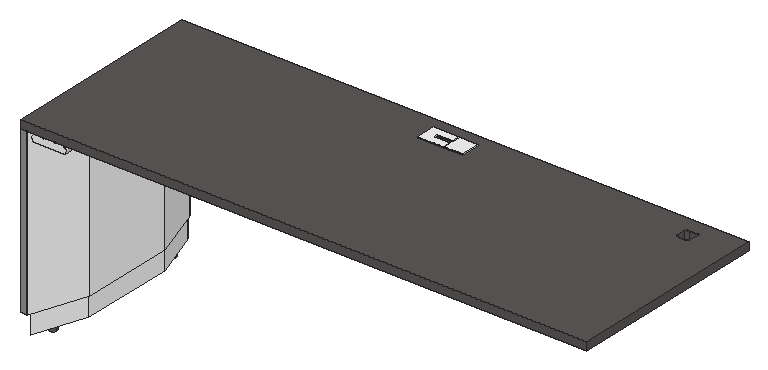
Revit family "Workstations-Height_Adjustable-Teknion-B_APLB-Run-Off_Low_Secondary_Bevel_Base-R2015", category Furniture, Revit 2015
Parameters (values of type "1-3/16" Thick WS")
  Worksurface Finish [instance] = Veneer - Teknion - VB - Flintwood - Black Walnut
  Width [instance] = 84.000"
  Warranty = "http://www.teknion.com/ca/papers/legal-canada"
  Unit Weight URL = "http://www.teknion.com/ca/tools/assets#&asset=bee6a381-b954-425e-8283-5a2de3a804f2,f828d448-4b62-4231-9e5f-9a8991c0ed77"
  URL = "www.teknion.com"
  Sustainability Data = "http://www.teknion.com/ca/tools/assets#&topic=216f99a5-57a0-44fc-b10a-9dee9b29ae4c&asset=444deb64-fe58-4b68-981e-f75e97781df7"
  Square Grommet Visibility [instance] = or(Has Centered Rectangular & Square Grommet, Has Offset Rectangular & Square Grommet)  # yes
  Square Grommet Horizontal Offset [instance] = if(Has Centered Rectangular & Square Grommet, 5.472", 7.992")  # 5.472"
  Square Grommet Hole Depth [instance] = if(or(Has Centered Rectangular & Square Grommet, Has Offset Rectangular & Square Grommet), 5.893", 0.500")  # 5.893"
  Series = "Expansion Casegoods"  # constant formula
  Product Page URL = "http://www.teknion.com/ca/products/product-details?productlineid=0053336e-8e7a-673b-a6c8-ff00004460c4"
  Product Line = "Expansion Casegoods"  # constant formula
  Product Documentation Link = "http://www.teknion.com/pricing/expansion-casegoods/pdfs/B_APLB_ppg.pdf"
  Part Number = "B_APLB"  # constant formula
  Panel Width [instance] = 58.000"
  Panel Offset [instance] = 4.3125"
  Panel Height [instance] = 10.000"
  Modesty Panel Note [instance] = "Available Panel Widths range from 30 to 84 inches in 1 inch increments. Available Panel Heights are 6 and 10 inches."  # constant formula
  Modesty Panel Finish [instance] = Back-painted Glass - K7 - Teknion - Very White
  Modesty Hardware Finish [instance] = Mica - Teknion - V - Satin - Very White
  Model = "BMAPLBS_____"
  Manufacturer Phone = "416-661-3370"  # constant formula
  Manufacturer Fax = "416.661.4586"  # constant formula
  Manufacturer Contact Information = "http://www.teknion.com/ca/contactus"
  Manufacturer Address = "1150 Flint Road, Toronto, ON. M3J 2J5. Canada"  # constant formula
  Manufacturer = "Teknion"  # constant formula
  Desk Note [instance] = "Available Depths are 30 and 36 inches. Available Widths range from 60 to 90 inches in 6 inch increments."  # constant formula
  Has Offset Rectangular Grommet [instance] = no
  Has Offset Rectangular & Square Grommet [instance] = no
  Has Modesty Panel [instance] = yes
  Has Centered Rectangular Grommet [instance] = no
  Has Centered Rectangular & Square Grommet [instance] = yes
  Grommet Visibility [instance] = or(Has Centered Rectangular Grommet, Has Centered Rectangular & Square Grommet, Has Offset Rectangular & Square Grommet, Has Offset Rectangular Grommet)  # yes
  Grommet Horizontal Offset [instance] = if(or(Has Centered Rectangular Grommet, Has Centered Rectangular & Square Grommet), Width / 2 - 3.327", 13.673")  # 38.673"
  Grommet Finish [instance] = Mica - Teknion - V - Satin - Very White
  End Gable Finish [instance] = Source Laminate - Teknion - DE - Latte
  Description = "Height-Adjustable Run-Off – Low Secondary Desk - Bevel Base, 1-3/16\" Thick, Standard Range Electric - 29\" to 43\""
  Depth [instance] = 30.000"
  Base Width Offset [instance] = if(Depth = 30.000", 13.973", 20.000")  # 13.973"
  Base Finish [instance] = Mica - Teknion - V - Satin - Very White
  Assembly Code = "E2020200"
  Accessory Offset [instance] = if(or(Has Offset Rectangular & Square Grommet, Has Offset Rectangular Grommet), 4.877", 1.728")  # 1.728"
Reference planes (in)
  plane 1 "Center Front/Back": x = 10.40555
  plane 2: z = 0
  plane 3 "Center Left/Right": y = -7.56999
  plane 4 "Left": y = 7.43001
  plane 5 "Right": y = -22.56999
  plane 6 "Back": x = 52.40555
  plane 7 "Front": x = -31.59445
  plane 8 "Top": z = 29
  plane 9: z = 27.81102
  plane 10: z = 29.75
  plane 11: z = 29.15748
  plane 12: z = 0.60236
  plane 13: z = 3.44882
  plane 14: y = -10.56999
  plane 15: y = -4.56999
  plane 16: x = 46.57855
  plane 17: x = -23.16926
  plane 18: y = -21.70385
  plane 19: y = -1.14127
  plane 20: x = 30.71805
  plane 21: x = -27.28195
  plane 22: z = 16.62202
  plane 23: z = 26.62202
Forms (in)
  Extrusion 1, solid, material "Veneer - Teknion - VB - Flintwood - Black Walnut" <- "Worksurface Finish"
    sketch origin (-182.72571, 43.43001, 29) x (0, 1, 0) y (-1, 0, 0)
      loop
        line (-36, -235.13125) -> (-36, -151.13125) -> (-66, -151.13125) -> (-66, -235.13125) -> (-36, -235.13125)
    from 0 to -1.18898
  Extrusion 2, void
    sketch origin (-2.72571, -3.23929, 23.85724) x (0, -1, 0) y (1, 0, 0)
      loop
        arc (-8.11417, 49.65925) -> (-8.40648, 49.53818) -> (-8.52756, 49.24587) r 0.41339
        line (-8.52756, 49.24587) -> (-8.52756, 48.05689)
        arc (-8.52756, 48.05689) -> (-8.40648, 47.76458) -> (-8.11417, 47.64351) r 0.41339
        line (-8.11417, 47.64351) -> (-6.9252, 47.64351)
        arc (-6.9252, 47.64351) -> (-6.63289, 47.76458) -> (-6.51181, 48.05689) r 0.41339
        line (-6.51181, 48.05689) -> (-6.51181, 49.24587)
        arc (-6.51181, 49.24587) -> (-6.63289, 49.53818) -> (-6.9252, 49.65925) r 0.41339
        line (-6.9252, 49.65925) -> (-8.11417, 49.65925)
    from -0.00024 to 5.89276
  Extrusion 3, solid, material "Mica - Teknion - V - Satin - Very White" <- "Grommet Finish", visible <- "Grommet Visibility"
    sketch origin (-178.72571, 1.52133, 29.15748) x (0, 1, 0) y (-1, 0, 0)
      loop
        line (1.33661, -192.45825) -> (4.18068, -192.45825) -> (4.18068, -189.61103) -> (1.33661, -189.61103) -> (1.33661, -192.45825)
    from 0 to -0.15748
  Extrusion 4, solid, material "Mica - Teknion - V - Satin - Very White" <- "Grommet Finish", visible <- "Grommet Visibility"
    sketch origin (-178.72571, 1.52133, 29.15748) x (0, 1, 0) y (-1, 0, 0)
      loop
        line (4.18068, -189.61103) -> (4.18068, -185.80494) -> (1.33661, -185.80494) -> (1.33661, -189.61103) -> (2.54597, -189.61103) -> (2.54597, -187.33242) -> (2.97132, -187.33242) -> (2.97132, -189.61103) -> (4.18068, -189.61103)
    from 0 to -0.15748
  Extrusion 5, solid, material "Mica - Teknion - V - Satin - Very White" <- "Base Finish"
    sketch origin (-182.72571, -19.21289, 0.60236) x (-1, 0, 0) y (0, 1, 0)
      loop
        arc (-152.22574, 26.11688) -> (-152.27478, 26.17507) -> (-152.34045, 26.13663) r 0.05906
        line (-152.34045, 26.13663) -> (-154.94621, 18.6294) -> (-154.94621, 4.6564) -> (-152.34045, -2.85083)
        arc (-152.34045, -2.85083) -> (-152.27478, -2.88928) -> (-152.22574, -2.83108) r 0.05906
        line (-152.22574, -2.83108) -> (-152.22574, 26.11688)
    from 0 to -2.84646
  Extrusion 6, solid, material "Mica - Teknion - V - Satin - Very White" <- "Base Finish"
    sketch origin (-182.72571, -19.21289, 3.44882) x (-1, 0, 0) y (0, 1, 0)
      loop
        line (-155.02496, 18.6294) -> (-155.02496, 4.6564) -> (-152.25964, -3.32288)
        arc (-152.25964, -3.32288) -> (-152.23784, -3.34782) -> (-152.20606, -3.3571) r 0.05906
        line (-152.20606, -3.3571) -> (-152.147, -3.3571) -> (-152.147, 26.6429) -> (-152.20606, 26.6429)
        arc (-152.20606, 26.6429) -> (-152.23784, 26.63361) -> (-152.25964, 26.60868) r 0.05906
        line (-152.25964, 26.60868) -> (-155.02496, 18.6294)
    from 0 to -24.3622
  Extrusion 7, solid, material "Source Laminate - Teknion - DE - Latte" <- "End Gable Finish"
    sketch origin (-182.72571, -19.21289, 3.44882) x (-1, 0, 0) y (0, 1, 0)
      loop
        line (-151.13125, 26.6429) -> (-152.147, 26.6429) -> (-152.147, -3.3571) -> (-151.13125, -3.3571) -> (-151.13125, 26.6429)
    from 0 to -24.3622
  Extrusion 8, solid, material "Mica - Teknion - V - Satin - Very White" <- "Base Finish"
    sketch origin (5.89783, -7.56999, 25.81102) x (1, 0, 0) y (0, 1, 0)
      loop
        line (-29.60252, 5.90551) -> (-33.59859, 5.90551) -> (-33.59859, -5.90551) -> (-29.60252, -5.90551) -> (-29.60252, 5.90551)
    from 1.40945 to 2
  Extrusion 9, solid, material "Mica - Teknion - V - Satin - Very White" <- "Base Finish"
    sketch origin (5.89783, -7.56999, 25.81102) x (1, 0, 0) y (0, 1, 0)
      loop
        line (40.68071, -3) -> (40.68071, 3) -> (-29.06709, 3) -> (-29.06709, -3) -> (40.68071, -3)
    from 0 to 2
  Extrusion 10, solid, material "Plastic - Teknion - 52 - Ebony"
    sketch origin (-182.72571, -19.21289, 0.60236) x (-1, 0, 0) y (0, 1, 0)
      loop
        circle (-152.89214, 22.72735) r 0.5
    from 0 to 0.60236
  Extrusion 11, solid, material "Plastic - Teknion - 52 - Ebony"
    sketch origin (-182.72571, 4.0729, 0.60236) x (1, 0, 0) y (0, -1, 0)
      loop
        circle (152.89214, 22.72735) r 0.5
    from 0 to 0.60236
  Extrusion 12, solid, material "Mica - Teknion - V - Satin - Very White"
    sketch origin (0, -7.56999, 0) x (1, 0, 0) y (0, 0, 1)
      loop
        arc (-25.19682, 26.70866) -> (-24.70469, 27.20079) -> (-25.19682, 27.69291) r 0.49213
        line (-25.19682, 27.69291) -> (-26.47634, 27.69291) -> (-26.47634, 27.81102) -> (-28.05115, 27.81102) -> (-28.05115, 27.69291) -> (-29.33067, 27.69291)
        arc (-29.33067, 27.69291) -> (-29.8228, 27.20079) -> (-29.33067, 26.70866) r 0.49213
        line (-29.33067, 26.70866) -> (-25.19682, 26.70866)
    from 14.13386 to 15
  Extrusion 13, solid, material "Mica - Teknion - V - Satin - Very White" <- "Modesty Hardware Finish", visible <- "Has Modesty Panel"
    sketch origin (-1.59445, -9.79088, 28.20472) x (-1, 0, 0) y (0, -1, 0)
      loop
        line (25.6875, -8.1427) -> (-32.3125, -8.1427) -> (-32.3125, -9.15839) -> (25.6875, -9.15839) -> (25.6875, -8.1427)
    from -1.5827 to -0.3937
  Extrusion 14, solid, material "Back-painted Glass - K7 - Teknion - Very White" <- "Modesty Panel Finish", visible <- "Has Modesty Panel"
    sketch origin (-1.59445, -9.79088, 28.20472) x (-1, 0, 0) y (0, -1, 0)
      loop
        line (25.6875, -8.7616) -> (25.6875, -8.69961) -> (-32.3125, -8.69961) -> (-32.3125, -8.7616) -> (25.6875, -8.7616)
      loop
        line (-32.3125, -8.53949) -> (-32.3125, -8.59961) -> (25.6875, -8.59961) -> (25.6875, -8.53949) -> (-32.3125, -8.53949)
    from -1.5827 to -11.5827
  Extrusion 15, solid, material "Paint-Teknion-White", visible <- "Has Modesty Panel"
    sketch origin (-1.59445, -9.79088, 28.20472) x (-1, 0, 0) y (0, -1, 0)
      loop
        line (25.6875, -8.69961) -> (25.6875, -8.59961) -> (-32.3125, -8.59961) -> (-32.3125, -8.69961) -> (25.6875, -8.69961)
    from -1.5827 to -11.5827
Cuts and joins
  Extrusion 2 cuts Extrusion 1
Lines and regions (in)
  Masking region 1
    outline origin (-182.72571, -19.21289, 0.60236) x (-1, 0, 0) y (0, -1, 0)
      loop
        line (-235.13125, -26.6429) -> (-151.13125, -26.6429) -> (-151.13125, 3.3571) -> (-235.13125, 3.3571) -> (-235.13125, -26.6429)
  symbolic lines, style "FurnitureHiddenLines", detail levels fine
    curve 1: arc (-29.33357, -18.65445, 0.60236) -> (-29.83357, -18.15445, 0.60236) -> (-30.33357, -18.65445, 0.60236) r 0.5
    curve 2: arc (-30.33357, -18.65445, 0.60236) -> (-29.83357, -19.15445, 0.60236) -> (-29.33357, -18.65445, 0.60236) r 0.5
    curve 3: arc (-30.33357, 3.51446, 0.60236) -> (-29.83357, 3.01446, 0.60236) -> (-29.33357, 3.51446, 0.60236) r 0.5
    curve 4: arc (-29.33357, 3.51446, 0.60236) -> (-29.83357, 4.01446, 0.60236) -> (-30.33357, 3.51446, 0.60236) r 0.5
    curve 7: line (-23.16926, -10.56999, 0.60236) -> (46.57855, -10.56999, 0.60236)
    curve 8: line (46.57855, -10.56999, 0.60236) -> (46.57855, -4.56999, 0.60236)
    curve 9: line (46.57855, -4.56999, 0.60236) -> (-23.16926, -4.56999, 0.60236)
    curve 10: line (-23.16926, -4.56999, 0.60236) -> (-23.16926, -10.56999, 0.60236)
  symbolic lines, style "FurnitureHiddenLines", detail levels medium+fine
    curve 5: line (-27.70075, -1.66448, 0.60236) -> (-23.70469, -1.66448, 0.60236)
    curve 6: line (-23.70469, -1.66448, 0.60236) -> (-23.70469, -13.47551, 0.60236)
    curve 29: line (-27.70075, -14.55649, 0.60236) -> (-30.47793, -22.56999, 0.60236)
    curve 30: line (-30.47793, -22.56999, 0.60236) -> (-30.5787, -22.56999, 0.60236)
    curve 31: line (-30.5787, 7.43001, 0.60236) -> (-30.5787, -22.56999, 0.60236)
    curve 32: line (-30.47793, 7.43001, 0.60236) -> (-30.5787, 7.43001, 0.60236)
    curve 33: line (-30.47793, 7.43001, 0.60236) -> (-27.70075, -0.58349, 0.60236)
    curve 34: line (-27.70075, -0.58349, 0.60236) -> (-27.70075, -14.55649, 0.60236)
    curve 35: line (-23.70469, -13.47551, 0.60236) -> (-27.70075, -13.47551, 0.60236)
  symbolic lines, visible <- "Square Grommet Visibility"
    curve 11: line (46.93355, 4.87489, 0.60236) -> (46.93355, 3.68591, 0.60236)
    curve 12: line (44.9178, 3.68591, 0.60236) -> (44.9178, 4.87489, 0.60236)
    curve 13: line (45.33118, 5.28827, 0.60236) -> (46.52016, 5.28827, 0.60236)
    curve 14: line (46.52016, 3.27252, 0.60236) -> (45.33118, 3.27252, 0.60236)
    curve 15: arc (46.52016, 3.27252, 0.60236) -> (46.81247, 3.3936, 0.60236) -> (46.93355, 3.68591, 0.60236) r 0.41339
    curve 16: arc (46.93355, 4.87489, 0.60236) -> (46.81247, 5.1672, 0.60236) -> (46.52016, 5.28827, 0.60236) r 0.41339
    curve 17: arc (45.33118, 5.28827, 0.60236) -> (45.03888, 5.1672, 0.60236) -> (44.9178, 4.87489, 0.60236) r 0.41339
    curve 18: arc (44.9178, 3.68591, 0.60236) -> (45.03888, 3.3936, 0.60236) -> (45.33118, 3.27252, 0.60236) r 0.41339
  symbolic lines, visible <- "Grommet Visibility"
    curve 19: line (13.73255, 5.70201, 0.60236) -> (13.73255, 2.85794, 0.60236)
    curve 20: line (13.73255, 2.85794, 0.60236) -> (10.88532, 2.85794, 0.60236)
    curve 21: line (10.88532, 2.85794, 0.60236) -> (7.07923, 2.85794, 0.60236)
    curve 22: line (7.07923, 2.85794, 0.60236) -> (7.07923, 5.70201, 0.60236)
    curve 23: line (7.07923, 5.70201, 0.60236) -> (10.88532, 5.70201, 0.60236)
    curve 24: line (10.88532, 5.70201, 0.60236) -> (13.73255, 5.70201, 0.60236)
    curve 25: line (10.88532, 2.85794, 0.60236) -> (10.88532, 5.70201, 0.60236)
    curve 26: line (10.88532, 4.49265, 0.60236) -> (8.60671, 4.49265, 0.60236)
    curve 27: line (8.60671, 4.49265, 0.60236) -> (8.60671, 4.0673, 0.60236)
    curve 28: line (8.60671, 4.0673, 0.60236) -> (10.88532, 4.0673, 0.60236)
  symbolic lines, style "FurnitureHiddenLines", visible <- "Has Modesty Panel", detail levels medium+fine
    curve 36: line (30.71805, -0.63249, 29.13386) -> (-27.28195, -0.63249, 29.13386)
    curve 37: line (-27.28195, -0.63249, 29.13386) -> (-27.28195, -1.64818, 29.13386)
    curve 38: line (-27.28195, -1.64818, 29.13386) -> (30.71805, -1.64818, 29.13386)
    curve 39: line (30.71805, -1.64818, 29.13386) -> (30.71805, -0.63249, 29.13386)
  symbolic lines, style "FurnitureHiddenLines", visible <- "Has Modesty Panel", detail levels fine
    curve 40: line (30.71805, -1.02928, 29.13386) -> (-27.28195, -1.02928, 29.13386)
    curve 41: line (-27.28195, -1.25139, 29.13386) -> (30.71805, -1.25139, 29.13386)
    curve 42: line (-27.28195, -1.19127, 29.13386) -> (30.71805, -1.19127, 29.13386)
    curve 43: line (30.71805, -1.09127, 29.13386) -> (-27.28195, -1.09127, 29.13386)
  reference lines, not visible
    curve 44: line (-31.59445, 7.43001, 0.60236) -> (-31.59445, -22.56999, 0.60236)
    curve 45: line (52.40555, 7.43001, 0.60236) -> (-31.59445, 7.43001, 0.60236)
    curve 46: line (52.40555, 7.43001, 0.60236) -> (52.40555, -22.56999, 0.60236)
    curve 47: line (52.40555, -22.56999, 0.60236) -> (-31.59445, -22.56999, 0.60236)
Dimensions and locks (in)
  "Depth": plane 4 "Left" to plane 5 "Right"
  "Width": plane 6 "Back" to plane 7 "Front"
  locked: plane 8 "Top" to level at 29
  equal spacing: plane 7 "Front", plane 1 "Center Front/Back", plane 6 "Back"
  locked: plane 8 "Top" to plane 9 at 1.18898
  Extrusion 2 sketch curve to Extrusion 2 sketch curve to Extrusion 2 sketch curve to Extrusion 2 sketch curve to Extrusion 2 sketch curve to Extrusion 2 sketch curve = 0.41339" locked, 0.000" locked, 1.18898" locked, 0.000" locked, 0.41339" locked  (x2)
  locked: plane 10 to plane 8 "Top" at 0.75
  "Square Grommet Hole Depth": plane 10 to Extrusion 2
  locked: plane 11 to plane 8 "Top" at 0.15748
  locked: Extrusion 3 sketch curve to Extrusion 3 sketch curve at 2.84406
  Extrusion 4 sketch curve to Extrusion 4 sketch curve to Extrusion 4 sketch curve to Extrusion 4 sketch curve = 1.52748" locked, 2.2786" locked, 0.000" locked
  Extrusion 4 sketch curve to Extrusion 4 sketch curve to Extrusion 4 sketch curve to Extrusion 4 sketch curve = 1.20936" locked, 0.42535" locked, 1.20936" locked
  locked: plane 12 to plane 2 at 0.60236
  locked: plane 13 to plane 12 at 2.84646
  locked: Extrusion 6 sketch curve to plane 5 "Right" at 0.05906
  locked: plane 4 "Left" to Extrusion 6 sketch curve at 0.05906
  plane 7 "Front" to Extrusion 6 sketch curve to Extrusion 6 sketch curve = 1.01575" locked, 2.87795" locked
  plane 7 "Front" to Extrusion 8 sketch curve to Extrusion 8 sketch curve = 3.8937" locked, 3.99606" locked
  plane 15 to plane 3 "Center Left/Right" to plane 14 = 3.000" locked, 3.000" locked
  locked: plane 7 "Front" to plane 17 at 8.4252
  locked: plane 7 "Front" to Extrusion 10 sketch curve at 1.76089
  locked: plane 4 "Left" to Extrusion 10 sketch curve at 3.91555
  locked: plane 7 "Front" to Extrusion 11 sketch curve at 1.76089
  locked: Extrusion 11 sketch curve to plane 5 "Right" at 3.91555
  locked: plane 18 to plane 5 "Right" at 0.86614
  Extrusion 12 sketch curve to Extrusion 12 sketch curve to Extrusion 12 sketch curve to Extrusion 12 sketch curve to plane 7 "Front" = 1.27953" locked, 1.5748" locked, 1.27953" locked, 2.26378" locked
  Extrusion 12 sketch curve to Extrusion 12 sketch curve to Extrusion 12 sketch curve to Extrusion 12 sketch curve to Extrusion 12 sketch curve to plane 9 = 0.49213" locked, 0.000" locked, 0.49213" locked, 0.000" locked, 0.11811" locked
  equal spacing: plane 4 "Left", plane 3 "Center Left/Right", plane 5 "Right"
  Extrusion 8 sketch curve to plane 3 "Center Left/Right" to Extrusion 8 sketch curve = 5.90551" locked, 5.90551" locked
  equal spacing: Extrusion 6 sketch curve, plane 3 "Center Left/Right", Extrusion 6 sketch curve
  "Base Width Offset": Extrusion 6 sketch curve to Extrusion 6 sketch curve
  locked: Extrusion 5 sketch curve to plane 5 "Right" at 0.52602
  locked: plane 4 "Left" to Extrusion 5 sketch curve at 0.52602
  locked: plane 7 "Front" to Extrusion 5 sketch curve at 1.09449
  locked: plane 7 "Front" to Extrusion 5 sketch curve at 1.15354  (x2)
  "Accessory Offset": plane 4 "Left" to Extrusion 3 sketch curve
  "Accessory Offset": plane 4 "Left" to Extrusion 4 sketch curve
  Extrusion 3 to Extrusion 2 sketch curve = 0.41373"
  locked: plane 16 to plane 6 "Back" at 5.827
  Extrusion 4 sketch curve to plane 1 "Center Front/Back" = 3.32632"
  locked: Extrusion 3 sketch curve to Extrusion 3 sketch curve at 2.84723
  "Panel Width": Extrusion 13 sketch curve to Extrusion 13 sketch curve
  locked: Extrusion 13 to Extrusion 13 at 1.01569
  Extrusion 14 sketch curve to Extrusion 14 sketch curve to plane 19 to Extrusion 14 sketch curve to Extrusion 14 sketch curve = 0.06012" locked, 0.050" locked, 0.050" locked, 0.06199" locked
  Extrusion 13 sketch curve to plane 19 to Extrusion 13 sketch curve = 0.50878" locked, 0.50691" locked
  Extrusion 15 sketch curve to plane 19 to Extrusion 15 sketch curve = 0.050" locked, 0.050" locked
  locked: plane 4 "Left" to plane 19 at 8.57128
  "Panel Width": plane 21 to plane 20
  locked: plane 9 to plane 23 at 1.189
  "Panel Height": plane 23 to plane 22
  "Panel Offset": plane 7 "Front" to plane 21
  locked: plane 9 to Extrusion 8 at 0.59055
  locked: plane 9 to Extrusion 9 at 2
  equal spacing: Extrusion 5 sketch curve, plane 3 "Center Left/Right", Extrusion 5 sketch curve
  "Base Width Offset": Extrusion 5 sketch curve to Extrusion 5 sketch curve
  "Square Grommet Horizontal Offset": Extrusion 2 sketch curve to plane 6 "Back"
  "Grommet Horizontal Offset": Extrusion 3 sketch curve to plane 6 "Back"
  locked: Extrusion 5 sketch curve to Extrusion 5 sketch curve at 2.72047
  "Base Width Offset": curve 34 to curve 34
  equal spacing: curve 34, plane 3 "Center Left/Right", curve 34
  locked: plane 7 "Front" to Extrusion 7 sketch curve at 1.01575
  aligned and locked: level to plane 2
  aligned and locked: Extrusion 1 sketch curve to plane 4 "Left"
  aligned and locked: Extrusion 1 sketch curve to plane 6 "Back"
  aligned and locked: Extrusion 1 sketch curve to plane 5 "Right"
  aligned and locked: Extrusion 1 sketch curve to plane 7 "Front"
  aligned and locked: plane 8 "Top" to Extrusion 1
  aligned and locked: plane 9 to Extrusion 1
  aligned and locked: Extrusion 2 to plane 10
  aligned and locked: plane 11 to Extrusion 4
  aligned and locked: plane 11 to Extrusion 3
  aligned and locked: Extrusion 4 to plane 8 "Top"
  aligned and locked: Extrusion 3 to plane 8 "Top"
  aligned and locked: Extrusion 5 to plane 12
  aligned and locked: Extrusion 5 to plane 13
  aligned and locked: plane 4 "Left" to Extrusion 6 sketch curve
  aligned and locked: Extrusion 6 sketch curve to plane 5 "Right"
  aligned and locked: plane 13 to Extrusion 6
  aligned and locked: Extrusion 6 to plane 9
  aligned and locked: Extrusion 7 sketch curve to plane 7 "Front"
  aligned and locked: plane 4 "Left" to Extrusion 7 sketch curve
  aligned and locked: plane 5 "Right" to Extrusion 7 sketch curve
  aligned and locked: Extrusion 7 to plane 9
  aligned and locked: plane 13 to Extrusion 7
  aligned and locked: Extrusion 8 to plane 9
  aligned and locked: Extrusion 9 sketch curve to plane 14
  aligned and locked: Extrusion 9 sketch curve to plane 16
  aligned and locked: Extrusion 9 sketch curve to plane 15
  aligned and locked: plane 17 to Extrusion 9 sketch curve
  aligned and locked: Extrusion 9 to plane 9
  aligned and locked: plane 12 to Extrusion 10
  aligned and locked: Extrusion 10 to plane 2
  aligned and locked: Extrusion 11 to level
  aligned and locked: plane 12 to Extrusion 11
  aligned and locked: Extrusion 12 sketch curve to plane 9
  aligned and locked: plane 18 to Extrusion 12
  aligned and locked: Extrusion 12 to plane 5 "Right"
  aligned and locked: Masking region 1 sketch curve to plane 4 "Left"
  aligned and locked: Masking region 1 sketch curve to plane 5 "Right"
  aligned and locked: Masking region 1 sketch curve to plane 7 "Front"
  aligned and locked: Masking region 1 sketch curve to plane 6 "Back"
  aligned and locked: Extrusion 8 to curve 5
  aligned and locked: curve 30 to plane 5 "Right"
  aligned and locked: curve 32 to plane 4 "Left"
  aligned and locked: Extrusion 8 to curve 6
  aligned and locked: curve 35 to Extrusion 8
  aligned and locked: curve 4 to Extrusion 10
  aligned and locked: curve 2 to Extrusion 11
  aligned and locked: curve 10 to plane 17
  aligned and locked: curve 8 to plane 16
  aligned and locked: curve 27 to Extrusion 4
  aligned and locked: curve 22 to Extrusion 4
  aligned and locked: curve 17 to Extrusion 2
  aligned and locked: curve 16 to Extrusion 2
  aligned and locked: curve 15 to Extrusion 2
  aligned and locked: curve 18 to Extrusion 2
  aligned and locked: Extrusion 14 sketch curve to Extrusion 13
  aligned and locked: Extrusion 13 to Extrusion 14 sketch curve
  aligned and locked: Extrusion 13 to Extrusion 14
  aligned and locked: Extrusion 13 to Extrusion 15
  aligned and locked: curve 36 to Extrusion 13
  aligned and locked: curve 37 to Extrusion 13
  aligned and locked: curve 38 to Extrusion 13
  aligned and locked: curve 39 to Extrusion 13
  aligned and locked: curve 40 to Extrusion 14
  aligned and locked: curve 41 to Extrusion 14
  aligned and locked: curve 42 to Extrusion 15
  aligned and locked: curve 43 to Extrusion 15
  aligned and locked: plane 20 to Extrusion 13
  aligned and locked: plane 20 to Extrusion 14
  aligned and locked: plane 20 to Extrusion 15
  aligned and locked: plane 21 to Extrusion 13
  aligned and locked: plane 21 to Extrusion 14
  aligned and locked: plane 21 to Extrusion 15
  aligned and locked: Extrusion 13 to plane 9
  aligned and locked: plane 23 to Extrusion 13
  aligned and locked: Extrusion 15 to plane 22
  aligned and locked: Extrusion 14 to plane 22
  aligned and locked: plane 9 to Extrusion 8
  aligned and locked: plane 9 to Extrusion 9
  aligned and locked: Extrusion 4 to Extrusion 3  (x2)
  aligned and locked: curve 34 to Extrusion 6
  aligned and locked: curve 23 to Extrusion 4
  aligned and locked: curve 21 to Extrusion 4
  aligned and locked: curve 20 to Extrusion 3
  aligned and locked: curve 24 to Extrusion 3
  aligned and locked: curve 19 to Extrusion 3
  aligned and locked: curve 25 to Extrusion 3
  aligned and locked: curve 26 to Extrusion 4
  aligned and locked: curve 28 to Extrusion 4
  aligned and locked: curve 44 to plane 7 "Front"
  aligned and locked: curve 45 to plane 4 "Left"
  aligned and locked: curve 46 to plane 6 "Back"
  aligned and locked: curve 47 to plane 5 "Right"
Automatic sketch dimensions
  Extrusion 14 sketch curve to Extrusion 14 sketch curve = 0.000"  (x2)
  Extrusion 15 sketch curve to plane 6 "Back" = 21.6875"
  plane 17 to Extrusion 15 sketch curve = 4.1127"
  curve 10 to plane 15 = 0.000"
  curve 10 to plane 14 = 0.000"
  Extrusion 4 sketch curve to plane 1 "Center Front/Back" = 0.47977"
  Extrusion 5 sketch curve to plane 18 = 0.35987"
  plane 4 "Left" to Extrusion 5 sketch curve = 0.50627"
  plane 4 "Left" to Extrusion 6 sketch curve = 0.03422"
  Extrusion 6 sketch curve to Extrusion 6 sketch curve = 0.11263"  (x2)
  plane 5 "Right" to Extrusion 6 sketch curve = 0.03422"
  curve 31 to curve 32 = 0.10077"
  curve 33 to plane 7 "Front" = 1.11652"
  curve 30 to curve 29 = 0.10077"
  Extrusion 13 sketch curve to plane 20 = 0.000"
  radius of Extrusion 10 sketch curve = 0.500"
  radius of Extrusion 11 sketch curve = 0.500"
